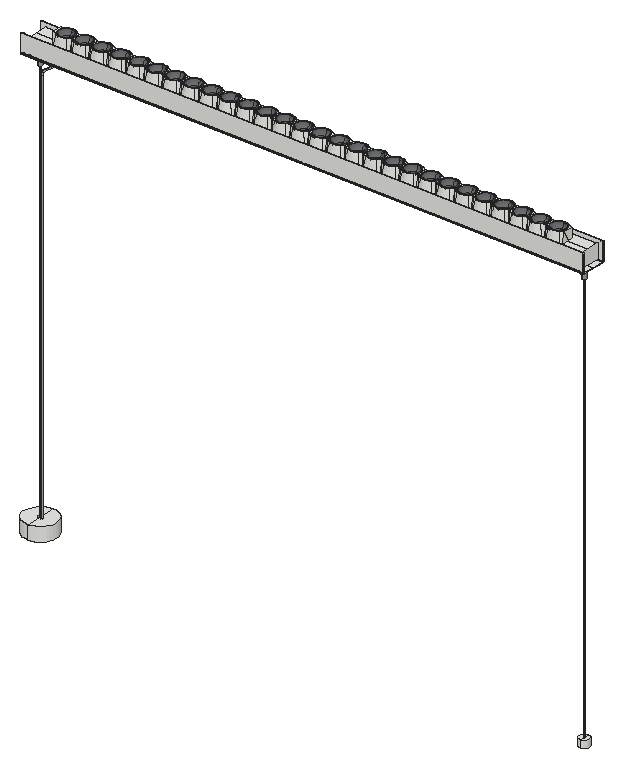
Revit family "Zumtobel IZURA", category Lighting Fixtures, host Face, Revit 2023 (continued)
Definition of nested family "Zumtobel-Detail Items-IZURA"
  Lines and regions (mm)
    Filled region 18, type "White", in view "Ref. Level"
      outline origin (-43.642, 0, 0) x (1, 0, 0) y (0, 1, 0)
        loop
          line (83.642, 12.359) -> (83.642, -12.359)
    Filled region 19, type "White", in view "Ref. Level"
      outline origin (-43.642, 0, 0) x (1, 0, 0) y (0, 1, 0)
        loop
          arc (123.642, -12.359) -> (126.758, -12.979) -> (129.399, -14.744) r 8.141
          arc (129.399, -14.744) -> (143.642, -20.5) -> (157.886, -14.744) r 20.5
          arc (157.886, -14.744) -> (160.527, -12.979) -> (163.642, -12.359) r 8.141
          line (163.642, -12.359) -> (163.642, 12.359)
          arc (163.642, 12.359) -> (160.527, 12.979) -> (157.886, 14.744) r 8.141
          arc (157.886, 14.744) -> (143.642, 20.5) -> (129.399, 14.744) r 20.5
          arc (129.399, 14.744) -> (126.758, 12.979) -> (123.642, 12.359) r 8.141
          line (123.642, 12.359) -> (123.642, -12.359)
    Filled region 20, type "White", in view "Ref. Level"
      outline origin (-43.642, 0, 0) x (1, 0, 0) y (0, 1, 0)
        loop
          arc (163.642, -12.359) -> (166.758, -12.979) -> (169.399, -14.744) r 8.141
          arc (169.399, -14.744) -> (183.642, -20.5) -> (197.886, -14.744) r 20.5
          arc (197.886, -14.744) -> (200.527, -12.979) -> (203.642, -12.359) r 8.141
          line (203.642, -12.359) -> (203.642, 12.359)
          arc (203.642, 12.359) -> (200.527, 12.979) -> (197.886, 14.744) r 8.141
          arc (197.886, 14.744) -> (183.642, 20.5) -> (169.399, 14.744) r 20.5
          arc (169.399, 14.744) -> (166.758, 12.979) -> (163.642, 12.359) r 8.141
          line (163.642, 12.359) -> (163.642, -12.359)
    Filled region 21, type "White", in view "Ref. Level"
      outline origin (-43.642, 0, 0) x (1, 0, 0) y (0, 1, 0)
        loop
          arc (203.642, -12.359) -> (206.758, -12.979) -> (209.399, -14.744) r 8.141
          arc (209.399, -14.744) -> (223.642, -20.5) -> (237.886, -14.744) r 20.5
          arc (237.886, -14.744) -> (240.527, -12.979) -> (243.642, -12.359) r 8.141
          line (243.642, -12.359) -> (243.642, 12.359)
          arc (243.642, 12.359) -> (240.527, 12.979) -> (237.886, 14.744) r 8.141
          arc (237.886, 14.744) -> (223.642, 20.5) -> (209.399, 14.744) r 20.5
          arc (209.399, 14.744) -> (206.758, 12.979) -> (203.642, 12.359) r 8.141
          line (203.642, 12.359) -> (203.642, -12.359)
    Filled region 22, type "White", in view "Ref. Level"
      outline origin (-43.642, 0, 0) x (1, 0, 0) y (0, 1, 0)
        loop
          arc (243.642, -12.359) -> (246.758, -12.979) -> (249.399, -14.744) r 8.141
          arc (249.399, -14.744) -> (263.642, -20.5) -> (277.886, -14.744) r 20.5
          arc (277.886, -14.744) -> (280.527, -12.979) -> (283.642, -12.359) r 8.141
          line (283.642, -12.359) -> (283.642, 12.359)
          arc (283.642, 12.359) -> (280.527, 12.979) -> (277.886, 14.744) r 8.141
          arc (277.886, 14.744) -> (263.642, 20.5) -> (249.399, 14.744) r 20.5
          arc (249.399, 14.744) -> (246.758, 12.979) -> (243.642, 12.359) r 8.141
          line (243.642, 12.359) -> (243.642, -12.359)
    Filled region 23, type "White", in view "Ref. Level"
      outline origin (-43.642, 0, 0) x (1, 0, 0) y (0, 1, 0)
        loop
          arc (283.642, -12.359) -> (286.758, -12.979) -> (289.399, -14.744) r 8.141
          arc (289.399, -14.744) -> (303.642, -20.5) -> (317.886, -14.744) r 20.5
          arc (317.886, -14.744) -> (320.527, -12.979) -> (323.642, -12.359) r 8.141
          line (323.642, -12.359) -> (323.642, 12.359)
          arc (323.642, 12.359) -> (320.527, 12.979) -> (317.886, 14.744) r 8.141
          arc (317.886, 14.744) -> (303.642, 20.5) -> (289.399, 14.744) r 20.5
          arc (289.399, 14.744) -> (286.758, 12.979) -> (283.642, 12.359) r 8.141
          line (283.642, 12.359) -> (283.642, -12.359)
    Filled region 24, type "White", in view "Ref. Level"
      outline origin (-43.642, 0, 0) x (1, 0, 0) y (0, 1, 0)
        loop
          arc (323.642, -12.359) -> (326.758, -12.979) -> (329.399, -14.744) r 8.141
          arc (329.399, -14.744) -> (343.642, -20.5) -> (357.886, -14.744) r 20.5
          arc (357.886, -14.744) -> (360.527, -12.979) -> (363.642, -12.359) r 8.141
          line (363.642, -12.359) -> (363.642, 12.359)
          arc (363.642, 12.359) -> (360.527, 12.979) -> (357.886, 14.744) r 8.141
          arc (357.886, 14.744) -> (343.642, 20.5) -> (329.399, 14.744) r 20.5
          arc (329.399, 14.744) -> (326.758, 12.979) -> (323.642, 12.359) r 8.141
          line (323.642, 12.359) -> (323.642, -12.359)
    Filled region 25, type "White", in view "Ref. Level"
      outline origin (-43.642, 0, 0) x (1, 0, 0) y (0, 1, 0)
        loop
          arc (363.642, -12.359) -> (366.758, -12.979) -> (369.399, -14.744) r 8.141
          arc (369.399, -14.744) -> (383.642, -20.5) -> (397.886, -14.744) r 20.5
          arc (397.886, -14.744) -> (400.527, -12.979) -> (403.642, -12.359) r 8.141
          line (403.642, -12.359) -> (403.642, 12.359)
          arc (403.642, 12.359) -> (400.527, 12.979) -> (397.886, 14.744) r 8.141
          arc (397.886, 14.744) -> (383.642, 20.5) -> (369.399, 14.744) r 20.5
          arc (369.399, 14.744) -> (366.758, 12.979) -> (363.642, 12.359) r 8.141
          line (363.642, 12.359) -> (363.642, -12.359)
    Filled region 26, type "White", in view "Ref. Level"
      outline origin (-43.642, 0, 0) x (1, 0, 0) y (0, 1, 0)
        loop
          arc (403.642, -12.359) -> (406.758, -12.979) -> (409.399, -14.744) r 8.141
          arc (409.399, -14.744) -> (423.642, -20.5) -> (437.886, -14.744) r 20.5
          arc (437.886, -14.744) -> (440.527, -12.979) -> (443.642, -12.359) r 8.141
          line (443.642, -12.359) -> (443.642, 12.359)
          arc (443.642, 12.359) -> (440.527, 12.979) -> (437.886, 14.744) r 8.141
          arc (437.886, 14.744) -> (423.642, 20.5) -> (409.399, 14.744) r 20.5
          arc (409.399, 14.744) -> (406.758, 12.979) -> (403.642, 12.359) r 8.141
          line (403.642, 12.359) -> (403.642, -12.359)
    Filled region 27, type "White", in view "Ref. Level"
      outline origin (-43.642, 0, 0) x (1, 0, 0) y (0, 1, 0)
        loop
          arc (443.642, -12.359) -> (446.758, -12.979) -> (449.399, -14.744) r 8.141
          arc (449.399, -14.744) -> (463.642, -20.5) -> (477.886, -14.744) r 20.5
          arc (477.886, -14.744) -> (480.527, -12.979) -> (483.642, -12.359) r 8.141
          line (483.642, -12.359) -> (483.642, 12.359)
          arc (483.642, 12.359) -> (480.527, 12.979) -> (477.886, 14.744) r 8.141
          arc (477.886, 14.744) -> (463.642, 20.5) -> (449.399, 14.744) r 20.5
          arc (449.399, 14.744) -> (446.758, 12.979) -> (443.642, 12.359) r 8.141
          line (443.642, 12.359) -> (443.642, -12.359)
    Filled region 28, type "White", in view "Ref. Level"
      outline origin (-43.642, 0, 0) x (1, 0, 0) y (0, 1, 0)
        loop
          arc (483.642, -12.359) -> (486.758, -12.979) -> (489.399, -14.744) r 8.141
          arc (489.399, -14.744) -> (503.642, -20.5) -> (517.886, -14.744) r 20.5
          arc (517.886, -14.744) -> (520.527, -12.979) -> (523.642, -12.359) r 8.141
          line (523.642, -12.359) -> (523.642, 12.359)
          arc (523.642, 12.359) -> (520.527, 12.979) -> (517.886, 14.744) r 8.141
          arc (517.886, 14.744) -> (503.642, 20.5) -> (489.399, 14.744) r 20.5
          arc (489.399, 14.744) -> (486.758, 12.979) -> (483.642, 12.359) r 8.141
          line (483.642, 12.359) -> (483.642, -12.359)
    Filled region 29, type "White", in view "Ref. Level"
      outline origin (-43.642, 0, 0) x (1, 0, 0) y (0, 1, 0)
        loop
          arc (523.642, -12.359) -> (526.758, -12.979) -> (529.399, -14.744) r 8.141
          arc (529.399, -14.744) -> (543.642, -20.5) -> (557.886, -14.744) r 20.5
          arc (557.886, -14.744) -> (560.527, -12.979) -> (563.642, -12.359) r 8.141
          line (563.642, -12.359) -> (563.642, 12.359)
          arc (563.642, 12.359) -> (560.527, 12.979) -> (557.886, 14.744) r 8.141
          arc (557.886, 14.744) -> (543.642, 20.5) -> (529.399, 14.744) r 20.5
          arc (529.399, 14.744) -> (526.758, 12.979) -> (523.642, 12.359) r 8.141
          line (523.642, 12.359) -> (523.642, -12.359)
    Filled region 30, type "White", in view "Ref. Level"
      outline origin (-43.642, 0, 0) x (1, 0, 0) y (0, 1, 0)
        loop
          arc (563.642, -12.359) -> (566.758, -12.979) -> (569.399, -14.744) r 8.141
          arc (569.399, -14.744) -> (583.642, -20.5) -> (597.886, -14.744) r 20.5
          arc (597.886, -14.744) -> (600.527, -12.979) -> (603.642, -12.359) r 8.141
          line (603.642, -12.359) -> (603.642, 12.359)
          arc (603.642, 12.359) -> (600.527, 12.979) -> (597.886, 14.744) r 8.141
          arc (597.886, 14.744) -> (583.642, 20.5) -> (569.399, 14.744) r 20.5
          arc (569.399, 14.744) -> (566.758, 12.979) -> (563.642, 12.359) r 8.141
          line (563.642, 12.359) -> (563.642, -12.359)
    detail lines, in view "Ref. Level"
      curve 1: line (-604.5, 28, 0) -> (-604.5, -28, 0)
      curve 2: line (604.5, 28, 0) -> (604.5, -28, 0)
  Dimensions and locks
    equal spacing: plane 4, plane 3 "Center (Left/Right)", plane 5
    "A": plane 4 to plane 5
    equal spacing: plane 7, plane 1 "Center (Front/Back)", plane 6
    "B": plane 7 to plane 6
    locked: plane 4 to plane 8 at 56.5
    locked: plane 4 to plane 9 at 12
    equal spacing: group 1, group 2, group 3, group 4, group 5, group 6, group 7, group 8, group 9, group 10, group 11, group 12, group 13, group 14, group 15, group 16, group 17, group 18, group 19, group 20, group 21, group 22, group 23, group 24, group 25, group 26, group 27, group 28  (x3)
    locked: plane 10 to plane 8 at 40
    locked: plane 5 to plane 11 at 12
    aligned and locked: Filled region 3 to plane 8
    aligned and locked: Filled region 4 to plane 10
    aligned and locked: Filled region 2 sketch curve to plane 6
    aligned and locked: Filled region 2 sketch curve to plane 7
    aligned and locked: plane 4 to Filled region 2 sketch curve
    aligned and locked: plane 5 to Filled region 2 sketch curve
    aligned and locked: plane 4 to Filled region 1 sketch curve
    aligned and locked: plane 5 to Filled region 1 sketch curve
    aligned and locked: Filled region 1 sketch curve to plane 7
    aligned and locked: Filled region 1 sketch curve to plane 6
    aligned and locked: curve 1 to plane 9
    aligned and locked: plane 11 to curve 2
  Automatic sketch dimensions
    Filled region 3 sketch curve to Filled region 3 sketch curve = 0 mm  (x5)
    Filled region 3 sketch curve to Filled region 3 sketch curve = 20 mm  (x2)
    Filled region 3 sketch curve to Filled region 3 sketch curve = 8.141 mm  (x4)
    Filled region 3 sketch curve to Filled region 3 sketch curve = 12.359 mm  (x3)
    Filled region 3 sketch curve to Filled region 3 sketch curve = 5.756 mm  (x2)
    Filled region 4 sketch curve to Filled region 4 sketch curve = 0 mm  (x5)
    Filled region 4 sketch curve to Filled region 4 sketch curve = 20 mm  (x2)
    Filled region 4 sketch curve to Filled region 4 sketch curve = 8.141 mm  (x4)
    Filled region 4 sketch curve to Filled region 4 sketch curve = 12.359 mm  (x3)
    Filled region 4 sketch curve to Filled region 4 sketch curve = 5.756 mm  (x2)
    Filled region 5 sketch curve to Filled region 5 sketch curve = 0 mm  (x5)
    Filled region 5 sketch curve to Filled region 5 sketch curve = 20 mm  (x2)
    Filled region 5 sketch curve to Filled region 5 sketch curve = 8.141 mm  (x4)
    Filled region 5 sketch curve to Filled region 5 sketch curve = 12.359 mm  (x3)
    Filled region 5 sketch curve to Filled region 5 sketch curve = 5.756 mm  (x2)
    Filled region 6 sketch curve to Filled region 6 sketch curve = 0 mm  (x5)
    Filled region 6 sketch curve to Filled region 6 sketch curve = 20 mm  (x2)
    Filled region 6 sketch curve to Filled region 6 sketch curve = 8.141 mm  (x4)
    Filled region 6 sketch curve to Filled region 6 sketch curve = 12.359 mm  (x3)
    Filled region 6 sketch curve to Filled region 6 sketch curve = 5.756 mm  (x2)
    Filled region 7 sketch curve to Filled region 7 sketch curve = 0 mm  (x5)
    Filled region 7 sketch curve to Filled region 7 sketch curve = 20 mm  (x2)
    Filled region 7 sketch curve to Filled region 7 sketch curve = 8.141 mm  (x4)
    Filled region 7 sketch curve to Filled region 7 sketch curve = 12.359 mm  (x3)
    Filled region 7 sketch curve to Filled region 7 sketch curve = 5.756 mm  (x2)
    Filled region 8 sketch curve to Filled region 8 sketch curve = 0 mm  (x5)
    Filled region 8 sketch curve to Filled region 8 sketch curve = 20 mm  (x2)
    Filled region 8 sketch curve to Filled region 8 sketch curve = 8.141 mm  (x4)
    Filled region 8 sketch curve to Filled region 8 sketch curve = 12.359 mm  (x3)
    Filled region 8 sketch curve to Filled region 8 sketch curve = 5.756 mm  (x2)
    Filled region 9 sketch curve to Filled region 9 sketch curve = 0 mm  (x5)
    Filled region 9 sketch curve to Filled region 9 sketch curve = 20 mm  (x2)
    Filled region 9 sketch curve to Filled region 9 sketch curve = 8.141 mm  (x4)
    Filled region 9 sketch curve to Filled region 9 sketch curve = 12.359 mm  (x3)
    Filled region 9 sketch curve to Filled region 9 sketch curve = 5.756 mm  (x2)
    Filled region 10 sketch curve to Filled region 10 sketch curve = 0 mm  (x5)
    Filled region 10 sketch curve to Filled region 10 sketch curve = 20 mm  (x2)
    Filled region 10 sketch curve to Filled region 10 sketch curve = 8.141 mm  (x4)
    Filled region 10 sketch curve to Filled region 10 sketch curve = 12.359 mm  (x3)
    Filled region 10 sketch curve to Filled region 10 sketch curve = 5.756 mm  (x2)
    Filled region 11 sketch curve to Filled region 11 sketch curve = 0 mm  (x5)
    Filled region 11 sketch curve to Filled region 11 sketch curve = 20 mm  (x2)
    Filled region 11 sketch curve to Filled region 11 sketch curve = 8.141 mm  (x4)
    Filled region 11 sketch curve to Filled region 11 sketch curve = 12.359 mm  (x3)
    Filled region 11 sketch curve to Filled region 11 sketch curve = 5.756 mm  (x2)
    Filled region 12 sketch curve to Filled region 12 sketch curve = 0 mm  (x5)
    Filled region 12 sketch curve to Filled region 12 sketch curve = 20 mm  (x2)
    Filled region 12 sketch curve to Filled region 12 sketch curve = 8.141 mm  (x4)
    Filled region 12 sketch curve to Filled region 12 sketch curve = 12.359 mm  (x3)
    Filled region 12 sketch curve to Filled region 12 sketch curve = 5.756 mm  (x2)
    Filled region 13 sketch curve to Filled region 13 sketch curve = 0 mm  (x5)
    Filled region 13 sketch curve to Filled region 13 sketch curve = 20 mm  (x2)
    Filled region 13 sketch curve to Filled region 13 sketch curve = 8.141 mm  (x4)
    Filled region 13 sketch curve to Filled region 13 sketch curve = 12.359 mm  (x3)
    Filled region 13 sketch curve to Filled region 13 sketch curve = 5.756 mm  (x2)
    Filled region 14 sketch curve to Filled region 14 sketch curve = 0 mm  (x5)
    Filled region 14 sketch curve to Filled region 14 sketch curve = 20 mm  (x2)
    Filled region 14 sketch curve to Filled region 14 sketch curve = 8.141 mm  (x4)
    Filled region 14 sketch curve to Filled region 14 sketch curve = 12.359 mm  (x3)
    Filled region 14 sketch curve to Filled region 14 sketch curve = 5.756 mm  (x2)
    Filled region 15 sketch curve to Filled region 15 sketch curve = 0 mm  (x5)
    Filled region 15 sketch curve to Filled region 15 sketch curve = 20 mm  (x2)
    Filled region 15 sketch curve to Filled region 15 sketch curve = 8.141 mm  (x4)
    Filled region 15 sketch curve to Filled region 15 sketch curve = 12.359 mm  (x3)
    Filled region 15 sketch curve to Filled region 15 sketch curve = 5.756 mm  (x2)
    Filled region 16 sketch curve to Filled region 16 sketch curve = 0 mm  (x5)
    Filled region 16 sketch curve to Filled region 16 sketch curve = 20 mm  (x2)
    Filled region 16 sketch curve to Filled region 16 sketch curve = 8.141 mm  (x4)
    Filled region 16 sketch curve to Filled region 16 sketch curve = 12.359 mm  (x3)
    Filled region 16 sketch curve to Filled region 16 sketch curve = 5.756 mm  (x2)
    Filled region 17 sketch curve to Filled region 17 sketch curve = 0 mm  (x5)
    Filled region 17 sketch curve to Filled region 17 sketch curve = 20 mm  (x2)
    Filled region 17 sketch curve to Filled region 17 sketch curve = 8.141 mm  (x4)
    Filled region 17 sketch curve to Filled region 17 sketch curve = 12.359 mm  (x3)
    Filled region 17 sketch curve to Filled region 17 sketch curve = 5.756 mm  (x2)
    Filled region 18 sketch curve to Filled region 18 sketch curve = 0 mm  (x5)
    Filled region 18 sketch curve to Filled region 18 sketch curve = 20 mm  (x2)
    Filled region 18 sketch curve to Filled region 18 sketch curve = 8.141 mm  (x4)
    Filled region 18 sketch curve to Filled region 18 sketch curve = 12.359 mm  (x3)
    Filled region 18 sketch curve to Filled region 18 sketch curve = 5.756 mm  (x2)
    Filled region 19 sketch curve to Filled region 19 sketch curve = 0 mm  (x5)
    Filled region 19 sketch curve to Filled region 19 sketch curve = 20 mm  (x2)
    Filled region 19 sketch curve to Filled region 19 sketch curve = 8.141 mm  (x4)
    Filled region 19 sketch curve to Filled region 19 sketch curve = 12.359 mm  (x3)
    Filled region 19 sketch curve to Filled region 19 sketch curve = 5.756 mm  (x2)
    Filled region 20 sketch curve to Filled region 20 sketch curve = 0 mm  (x5)
    Filled region 20 sketch curve to Filled region 20 sketch curve = 20 mm  (x2)
    Filled region 20 sketch curve to Filled region 20 sketch curve = 8.141 mm  (x4)
    Filled region 20 sketch curve to Filled region 20 sketch curve = 12.359 mm  (x3)
    Filled region 20 sketch curve to Filled region 20 sketch curve = 5.756 mm  (x2)
    Filled region 21 sketch curve to Filled region 21 sketch curve = 0 mm  (x5)
    Filled region 21 sketch curve to Filled region 21 sketch curve = 20 mm  (x2)
    Filled region 21 sketch curve to Filled region 21 sketch curve = 8.141 mm  (x4)
    Filled region 21 sketch curve to Filled region 21 sketch curve = 12.359 mm  (x3)
    Filled region 21 sketch curve to Filled region 21 sketch curve = 5.756 mm  (x2)
    Filled region 22 sketch curve to Filled region 22 sketch curve = 0 mm  (x5)
    Filled region 22 sketch curve to Filled region 22 sketch curve = 20 mm  (x2)
    Filled region 22 sketch curve to Filled region 22 sketch curve = 8.141 mm  (x4)
    Filled region 22 sketch curve to Filled region 22 sketch curve = 12.359 mm  (x3)
    Filled region 22 sketch curve to Filled region 22 sketch curve = 5.756 mm  (x2)
    Filled region 23 sketch curve to Filled region 23 sketch curve = 0 mm  (x5)
    Filled region 23 sketch curve to Filled region 23 sketch curve = 20 mm  (x2)
    Filled region 23 sketch curve to Filled region 23 sketch curve = 8.141 mm  (x4)
    Filled region 23 sketch curve to Filled region 23 sketch curve = 12.359 mm  (x3)
    Filled region 23 sketch curve to Filled region 23 sketch curve = 5.756 mm  (x2)
    Filled region 24 sketch curve to Filled region 24 sketch curve = 0 mm  (x5)
    Filled region 24 sketch curve to Filled region 24 sketch curve = 20 mm  (x2)
    Filled region 24 sketch curve to Filled region 24 sketch curve = 8.141 mm  (x4)
    Filled region 24 sketch curve to Filled region 24 sketch curve = 12.359 mm  (x3)
    Filled region 24 sketch curve to Filled region 24 sketch curve = 5.756 mm  (x2)
    Filled region 25 sketch curve to Filled region 25 sketch curve = 0 mm  (x5)
    Filled region 25 sketch curve to Filled region 25 sketch curve = 20 mm  (x2)
    Filled region 25 sketch curve to Filled region 25 sketch curve = 8.141 mm  (x4)
    Filled region 25 sketch curve to Filled region 25 sketch curve = 12.359 mm  (x3)
    Filled region 25 sketch curve to Filled region 25 sketch curve = 5.756 mm  (x2)
    Filled region 26 sketch curve to Filled region 26 sketch curve = 0 mm  (x5)
    Filled region 26 sketch curve to Filled region 26 sketch curve = 20 mm  (x2)
    Filled region 26 sketch curve to Filled region 26 sketch curve = 8.141 mm  (x4)
    Filled region 26 sketch curve to Filled region 26 sketch curve = 12.359 mm  (x3)
    Filled region 26 sketch curve to Filled region 26 sketch curve = 5.756 mm  (x2)
    Filled region 27 sketch curve to Filled region 27 sketch curve = 0 mm  (x5)
    Filled region 27 sketch curve to Filled region 27 sketch curve = 20 mm  (x2)
    Filled region 27 sketch curve to Filled region 27 sketch curve = 8.141 mm  (x4)
    Filled region 27 sketch curve to Filled region 27 sketch curve = 12.359 mm  (x3)
    Filled region 27 sketch curve to Filled region 27 sketch curve = 5.756 mm  (x2)
    Filled region 28 sketch curve to Filled region 28 sketch curve = 0 mm  (x5)
    Filled region 28 sketch curve to Filled region 28 sketch curve = 20 mm  (x2)
    Filled region 28 sketch curve to Filled region 28 sketch curve = 8.141 mm  (x4)
    Filled region 28 sketch curve to Filled region 28 sketch curve = 12.359 mm  (x3)
    Filled region 28 sketch curve to Filled region 28 sketch curve = 5.756 mm  (x2)
    Filled region 29 sketch curve to Filled region 29 sketch curve = 0 mm  (x5)
    Filled region 29 sketch curve to Filled region 29 sketch curve = 20 mm  (x2)
    Filled region 29 sketch curve to Filled region 29 sketch curve = 8.141 mm  (x4)
    Filled region 29 sketch curve to Filled region 29 sketch curve = 12.359 mm  (x3)
    Filled region 29 sketch curve to Filled region 29 sketch curve = 5.756 mm  (x2)
    Filled region 30 sketch curve to Filled region 30 sketch curve = 0 mm  (x5)
    Filled region 30 sketch curve to Filled region 30 sketch curve = 20 mm  (x2)
    Filled region 30 sketch curve to Filled region 30 sketch curve = 8.141 mm  (x4)
    Filled region 30 sketch curve to Filled region 30 sketch curve = 12.359 mm  (x3)
    Filled region 30 sketch curve to Filled region 30 sketch curve = 5.756 mm  (x2)
    plane 7 to curve 2 = 0 mm
    plane 7 to curve 1 = 0 mm
    plane 6 to curve 2 = 0 mm
    curve 1 to plane 6 = 0 mm
Types (22, lengths in mm): name | URL | Type Image | Suspension Kit White | Suspension Kit Silver | Suspension Kit Bronze | Suspension Kit Black | Power Factor | Plastic Shades White | Plastic Shades Black | Model | Material Housing Cover Outer | Material Housing Cover Inner | Luminaire Length | Light Source Indirect | Light Source Direct | Housing L15 | Housing L12 | Geartray White | Geartray Black | Apparent Load
  IZU D/I 10k-935 L12 LDE BK GBKD HBKD | "https://www.zumtobel.com/com-en/products/product_popup.html?70515346" | IZURA-Black-Black.jpg | no | no | no | yes | 0.99 | no | yes | "70515346" | Zumtobel-Aluminium-RAL 9005-Jet Black | Zumtobel-Aluminium-RAL 9005-Jet Black | 1233 | Zumtobel-Light Source-IZURA : 10k-935-IND | Zumtobel-Light Source-IZURA : 10k-935-DIR | no | yes | no | yes | 68.9 VA
  IZU D/I 10k-935 L12 LDE WH GWHD HWHD | "https://www.zumtobel.com/com-en/products/product_popup.html?70512803" | IZURA-White-White.jpg | yes | no | no | no | 0.99 | yes | no | "70512803" | Zumtobel-Aluminium-RAL 9003-Signal White | Zumtobel-Aluminium-RAL 9003-Signal White | 1233 | Zumtobel-Light Source-IZURA : 10k-935-IND | Zumtobel-Light Source-IZURA : 10k-935-DIR | no | yes | yes | no | 68.9 VA
  IZU D/I 12k5-935 L15 LDE BK GBKD AIRT | "https://www.zumtobel.com/com-en/products/product_popup.html?70515420" | IZURA-Airtrails.jpg | yes | no | no | no | 0.99 | no | yes | "70515420" | Zumtobel-Aluminium-RAL 9003-Signal White | Zumtobel-Aluminium-RAL 3001-Signal Red | 1513 | Zumtobel-Light Source-IZURA : 12k5-935-IND | Zumtobel-Light Source-IZURA : 12k5-935-DIR | yes | no | no | yes | 87.1 VA
  IZU D/I 12k5-935 L15 LDE BK GBKD CONC | "https://www.zumtobel.com/com-en/products/product_popup.html?70515422" | IZURA-Concrete.jpg | no | no | no | yes | 0.99 | no | yes | "70515422" | Zumtobel-Aluminium-RAL 9022-Pearl Dark Grey | Zumtobel-Aluminium-RAL 9022-Pearl Dark Grey | 1513 | Zumtobel-Light Source-IZURA : 12k5-935-IND | Zumtobel-Light Source-IZURA : 12k5-935-DIR | yes | no | no | yes | 87.1 VA
  IZU D/I 12k5-935 L15 LDE BK GBKD HBKD | "https://www.zumtobel.com/com-en/products/product_popup.html?70515347" | IZURA-Black-Black.jpg | no | no | no | yes | 0.99 | no | yes | "70515347" | Zumtobel-Aluminium-RAL 9005-Jet Black | Zumtobel-Aluminium-RAL 9005-Jet Black | 1513 | Zumtobel-Light Source-IZURA : 12k5-935-IND | Zumtobel-Light Source-IZURA : 12k5-935-DIR | yes | no | no | yes | 87.1 VA
  IZU D/I 12k5-935 L15 LDE BK GBKD RUST | "https://www.zumtobel.com/com-en/products/product_popup.html?70515424" | IZURA-Rust.jpg | no | no | no | yes | 0.99 | no | yes | "70515424" | Zumtobel-Aluminium-RAL 8004-Copper Brown | Zumtobel-Aluminium-RAL 9005-Jet Black | 1513 | Zumtobel-Light Source-IZURA : 12k5-935-IND | Zumtobel-Light Source-IZURA : 12k5-935-DIR | yes | no | no | yes | 87.1 VA
  IZU D/I 12k5-935 L15 LDE BK GBKD SLTE | "https://www.zumtobel.com/com-en/products/product_popup.html?70515425" | IZURA-Slate.jpg | no | no | no | yes | 0.99 | no | yes | "70515425" | Zumtobel-Aluminium-RAL 9011-Graphite Black | Zumtobel-Aluminium-RAL 9005-Jet Black | 1513 | Zumtobel-Light Source-IZURA : 12k5-935-IND | Zumtobel-Light Source-IZURA : 12k5-935-DIR | yes | no | no | yes | 87.1 VA
  IZU D/I 12k5-935 L15 LDE BK GWHD HWHD | "https://www.zumtobel.com/com-en/products/product_popup.html?70514018" | IZURA-White-Black.jpg | yes | no | no | no | 0.99 | no | yes | "70514018" | Zumtobel-Aluminium-RAL 9003-Signal White | Zumtobel-Aluminium-RAL 9003-Signal White | 1513 | Zumtobel-Light Source-IZURA : 12k5-935-IND | Zumtobel-Light Source-IZURA : 12k5-935-DIR | yes | no | yes | no | 87.1 VA
  IZU D/I 12k5-935 L15 LDE WH GWHD 3DWH | "https://www.zumtobel.com/com-en/products/product_popup.html?70515419" | IZURA-3D Ceramics.jpg | yes | no | no | no | 0.99 | yes | no | "70515419" | Zumtobel-Aluminium-RAL 7035-Light Grey | Zumtobel-Aluminium-RAL 9003-Signal White | 1513 | Zumtobel-Light Source-IZURA : 12k5-935-IND | Zumtobel-Light Source-IZURA : 12k5-935-DIR | yes | no | yes | no | 87.1 VA
  IZU D/I 12k5-935 L15 LDE WH GWHD E-AU | "https://www.zumtobel.com/com-en/products/product_popup.html?70515353" | IZURA-Gold.jpg | no | no | yes | no | 0.99 | yes | no | "70515353" | Zumtobel-Aluminium-RAL 1004-Golden Yellow | Zumtobel-Aluminium-RAL 9003-Signal White | 1513 | Zumtobel-Light Source-IZURA : 12k5-935-IND | Zumtobel-Light Source-IZURA : 12k5-935-DIR | yes | no | yes | no | 87.1 VA
  IZU D/I 12k5-935 L15 LDE WH GWHD E-BZ | "https://www.zumtobel.com/com-en/products/product_popup.html?70515354" | IZURA-Bronze.jpg | no | no | yes | no | 0.99 | yes | no | "70515354" | Zumtobel-Aluminium-RAL 1036-Pearl Gold | Zumtobel-Aluminium-RAL 9003-Signal White | 1513 | Zumtobel-Light Source-IZURA : 12k5-935-IND | Zumtobel-Light Source-IZURA : 12k5-935-DIR | yes | no | yes | no | 87.1 VA
  IZU D/I 12k5-935 L15 LDE WH GWHD E-SR | "https://www.zumtobel.com/com-en/products/product_popup.html?70515355" | IZURA-Inox.jpg | no | yes | no | no | 0.99 | yes | no | "70515355" | Zumtobel-Aluminium-RAL 7001-Silver Grey | Zumtobel-Aluminium-RAL 9003-Signal White | 1513 | Zumtobel-Light Source-IZURA : 12k5-935-IND | Zumtobel-Light Source-IZURA : 12k5-935-DIR | yes | no | yes | no | 87.1 VA
  IZU D/I 12k5-935 L15 LDE WH GWHD HWHD | "https://www.zumtobel.com/com-en/products/product_popup.html?70515344" | IZURA-White-White.jpg | yes | no | no | no | 0.99 | yes | no | "70515344" | Zumtobel-Aluminium-RAL 9003-Signal White | Zumtobel-Aluminium-RAL 9003-Signal White | 1513 | Zumtobel-Light Source-IZURA : 12k5-935-IND | Zumtobel-Light Source-IZURA : 12k5-935-DIR | yes | no | yes | no | 87.1 VA
  IZU D/I 12k5-935 L15 LDE WH GWHD MROC | "https://www.zumtobel.com/com-en/products/product_popup.html?70515421" | IZURA-Marocco.jpg | yes | no | no | no | 0.99 | yes | no | "70515421" | Zumtobel-Aluminium-RAL 9003-Signal White | Zumtobel-Aluminium-RAL 1004-Golden Yellow | 1513 | Zumtobel-Light Source-IZURA : 12k5-935-IND | Zumtobel-Light Source-IZURA : 12k5-935-DIR | yes | no | yes | no | 87.1 VA
  IZU D/I 12k5-935 L15 LDE WH GWHD NUT | "https://www.zumtobel.com/com-en/products/product_popup.html?70515423" | IZURA-Wallnut.jpg | no | no | yes | no | 0.99 | yes | no | "70515423" | Zumtobel-Aluminium-RAL 8011-Nut Brown | Zumtobel-Aluminium-RAL 8011-Nut Brown | 1513 | Zumtobel-Light Source-IZURA : 12k5-935-IND | Zumtobel-Light Source-IZURA : 12k5-935-DIR | yes | no | yes | no | 87.1 VA
  IZU D/I 12k5-935 L15 LDE WH GWHD OAK | "https://www.zumtobel.com/com-en/products/product_popup.html?70515426" | IZURA-Oak.jpg | yes | no | no | no | 0.99 | yes | no | "70515426" | Zumtobel-Aluminium-RAL 1002-Sand Yellow | Zumtobel-Aluminium-RAL 9003-Signal White | 1513 | Zumtobel-Light Source-IZURA : 12k5-935-IND | Zumtobel-Light Source-IZURA : 12k5-935-DIR | yes | no | yes | no | 87.1 VA
  IZU D/I 12k5-935 L15 LDE WH GWHD WAVE | "https://www.zumtobel.com/com-en/products/product_popup.html?70515418" | IZURA-3D Waves.jpg | yes | no | no | no | 0.99 | yes | no | "70515418" | Zumtobel-Aluminium-RAL 9022-Pearl Dark Grey | Zumtobel-Aluminium-RAL 9003-Signal White | 1513 | Zumtobel-Light Source-IZURA : 12k5-935-IND | Zumtobel-Light Source-IZURA : 12k5-935-DIR | yes | no | yes | no | 87.1 VA
  IZU DI 10k-935 L12 LDE BK GBKD HBKD | "https://www.zumtobel.com/com-en/products/product_popup.html?70515345" | IZURA-Black-Black.jpg | no | no | no | yes | 0.98 | no | yes | "70515345" | Zumtobel-Aluminium-RAL 9005-Jet Black | Zumtobel-Aluminium-RAL 9005-Jet Black | 1233 | Zumtobel-Light Source-IZURA : 10k-935-IND | Zumtobel-Light Source-IZURA : 10k-935-DIR | no | yes | no | yes | 65.4 VA
  IZU DI 10k-935 L12 LDE WH GWHD HWHD | "https://www.zumtobel.com/com-en/products/product_popup.html?70512613" | IZURA-White-White.jpg | yes | no | no | no | 0.98 | yes | no | "70512613" | Zumtobel-Aluminium-RAL 9003-Signal White | Zumtobel-Aluminium-RAL 9003-Signal White | 1233 | Zumtobel-Light Source-IZURA : 10k-935-IND | Zumtobel-Light Source-IZURA : 10k-935-DIR | no | yes | yes | no | 65.4 VA
  IZU DI 12k5-935 L15 LDE BK GBKD HBKD | "https://www.zumtobel.com/com-en/products/product_popup.html?70515180" | IZURA-Black-Black.jpg | no | no | no | yes | 0.99 | no | yes | "70515180" | Zumtobel-Aluminium-RAL 9005-Jet Black | Zumtobel-Aluminium-RAL 9005-Jet Black | 1513 | Zumtobel-Light Source-IZURA : 12k5-935-IND | Zumtobel-Light Source-IZURA : 12k5-935-DIR | yes | no | no | yes | 87.1 VA
  IZU DI 12k5-935 L15 LDE BK GWHD HWHD | "https://www.zumtobel.com/com-en/products/product_popup.html?70512683" | IZURA-White-Black.jpg | yes | no | no | no | 0.99 | no | yes | "70512683" | Zumtobel-Aluminium-RAL 9003-Signal White | Zumtobel-Aluminium-RAL 9003-Signal White | 1513 | Zumtobel-Light Source-IZURA : 12k5-935-IND | Zumtobel-Light Source-IZURA : 12k5-935-DIR | yes | no | yes | no | 87.1 VA
  IZU DI 12k5-935 L15 LDE WH GWHD HWHD | "https://www.zumtobel.com/com-en/products/product_popup.html?70515343" | IZURA-White-White.jpg | yes | no | no | no | 0.99 | yes | no | "70515343" | Zumtobel-Aluminium-RAL 9003-Signal White | Zumtobel-Aluminium-RAL 9003-Signal White | 1513 | Zumtobel-Light Source-IZURA : 12k5-935-IND | Zumtobel-Light Source-IZURA : 12k5-935-DIR | yes | no | yes | no | 87.1 VA
